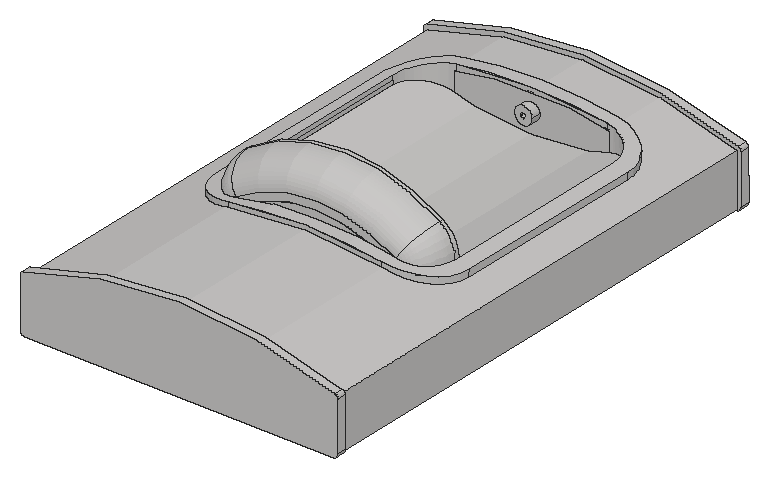
Revit family "Bottle_Filler-Murdock-H2O-To-Go-BFI5-BF16_Series", category Plumbing Fixtures, host Face, Revit 2018
Family settings
  Host = Face
  Round Connector Dimension = Use Diameter
  Part Type = Normal
  OmniClass Number = 23.65.70.14.11
  OmniClass Title = Drinking Fountains/Coolers
  Cut with Voids When Loaded = Yes
  Shared = Yes
  Room Calculation Point = No
Parameters (values of type "BF15")
  Width = 7 3/8"  # constant formula
  Waste Connection Width = 3 1/2"
  Waste Connection Radius = 3/4"
  Waste Connection Height = 29 1/8"  # constant formula
  Waste Connection Diameter = Waste Connection Radius * 2  # 1 1/2"
  Waste Connection = yes
  Warranty Information = "Murdock warrants that its products are free from defects in material or workmanship under normal use and service for a period of one year from date of shipment from the factory. Murdocks’s liability under this warranty shall be discharged solely by repair or replacement of defective material, provided Murdock is notified in writing within the time periods described above. This warranty does not cover installation or labor charges and does not apply to materials, which have been damaged by other causes such as mishandling or improper care or abnormal use. The repair or replacement of the defective materials shall constitute the sole remedy of the Buyer and the sole remedy of Murdock under this warranty. Murdock shall not be liable under any circumstances for incidental, consequential or direct charges caused by defects in the materials, or any delay in the repair or replacement thereof.  This warranty is in lieu of all other warranties expressed or implied. Product maintenance instructions are issued with each unit and disregard or non-compliance with these instructions will constitute an abnormal use condition and void the warranty. Stainless steel must be protected on jobsite during construction and must be properly maintained after the water has been introduced into the water cooler or drinking fountain, or Murdock’s limited warranty is void."  # constant formula
  WFU = 2  # constant formula
  WF3 - 3000 gallon capacity, NSF 42+53, 1 micron Lead Reduction Water Filter = no
  WF1 - 1500 gallon capacity, NSF 42+53, 1 micron Lead Reduction Water Filter = no
  Vent Connection = no
  URL = "https://www.murdockmfg.com/home"
  Type Comments = ""
  Transformer Specification = "N/A"
  Sensor Visibility = no
  Pushbutton Visibility = yes
  Product Page URL = "https://www.murdockmfg.com/push-button-water-refill-station"
  Product Documentation Link = "https://www.murdockmfg.com/uploads/fileLibrary/BF15.pdf"
  Price = "Prices may vary. Please consult Manufacturer Representative for most up-to-date price list."  # constant formula
  Pressure Range = "N/A"
  Inner Panel Material = Steel-Murdock-Galvannealed
  Deck Mounting Height = 34 1/2"
  Model = "BF15"
  Maximum Run Time = "N/A"
  Material = "Stainless Steel-Murdock-Satin"
  Manufacturer = "Murdock Mfg."  # constant formula
  Length = 18 1/4"  # constant formula
  LOGO - Customer Specified Logo / Graphics = no
  Installation Type = "Wall Mounted"  # constant formula
  IAPMO Compliance = "Unit is certified to ANSI A117.1, PublicLaw111-380(NO-LEAD),CHSC116875and NSF/ANSI 61, Section 9"  # constant formula
  Housing Material = Stainless Steel-Murdock-Satin
  Height = 29 1/2"  # constant formula
  HWFU = 1.5  # constant formula
  HW Connection = yes
  Fill Rate = "1.00 GPM"  # constant formula
  Description = "H2O-To-Go!® Push Button Water Refill Station"
  Default Elevation = 0"
  Creation Date = "02/25/2021"  # constant formula
  Cold Water Connection Width = 6 1/4"
  Cold Water Connection Radius = Cold Water Connection Diameter / 2  # 3/16"
  Cold Water Connection Height = 26 1/4"  # constant formula
  Cold Water Connection Diameter = 3/8"
  CWFU = 1.5  # constant formula
  CW Connection = yes
  Basin Shape = "Oval"  # constant formula
  BCD - Bottle Counter Display = no
  BAT - Battery Operated (N/A With Bottle Counter) = no
  Assembly Code = "D2010800"
  ADA Compliant = yes
Types (4): name | Transformer Specification | Sensor Visibility | Pushbutton Visibility | Product Page URL | Product Documentation Link | Pressure Range | Model | Maximum Run Time | Description | BCD - Bottle Counter Display
  (no name) | "N/A" | no | yes | "https://www.murdockmfg.com/push-button-water-refill-station" | "https://www.murdockmfg.com/uploads/fileLibrary/BF15.pdf" | "N/A" | "BF15" | "N/A" | "H2O-To-Go!® Push Button Water Refill Station" | no
  BF16 | "120 VAC/9 VDC plug-in Transformer" | yes | no | "https://www.murdockmfg.com/product.aspx?ProductId=308" | "https://www.murdockmfg.com/uploads/fileLibrary/BF16.pdf" | "20 to 105 PSIG" | "BF16" | "20 Seconds" | "H2O-To-Go!® Sensor-Operated Water Refill Station" | no
  BF16-BCD | "120 VAC/9 VDC plug-in Transformer" | yes | no | "https://www.murdockmfg.com/product.aspx?ProductId=308" | "https://www.murdockmfg.com/uploads/fileLibrary/BF16.pdf" | "20 to 105 PSIG" | "BF16-BCD" | "20 Seconds" | "H2O-To-Go!® Sensor-Operated Water Refill Station" | yes
  BF15 | "N/A" | no | yes | "https://www.murdockmfg.com/push-button-water-refill-station" | "https://www.murdockmfg.com/uploads/fileLibrary/BF15.pdf" | "N/A" | "BF15" | "N/A" | "H2O-To-Go!® Push Button Water Refill Station" | no
Reference planes (in)
  plane 1 "Center (Front/Back)": y = 0
  plane 2: z = 0
  plane 3 "Center (Left/Right)": x = 0
  plane 4: y = 14.75
  plane 5: y = -14.75
  plane 6: y = -14.25
  plane 7: y = -10.875
  plane 8: y = -8
  plane 9: y = -4.84375
  plane 10: y = -4.15625
  plane 11: y = -2.625
  plane 12: y = 10
  plane 13: y = 10.53125
  plane 14: y = 14.25
  plane 15: z = 5
  plane 16: z = 7.375
  plane 17: z = 4.875
  plane 18: z = 3.625
  plane 19: z = 2.4375
  plane 20: z = -2
  plane 21: x = -9.125
  plane 22: x = 9.125
  plane 23: x = 3.5
  plane 24: x = 6.25
  plane 25: x = -4
  plane 26: y = -37.125
  plane 27: y = -9.25
Forms (in)
  Extrusion 1, solid, material "Stainless Steel-Murdock-Satin" <- "Housing Material"
    sketch origin (21.84744, 29.5, 0) x (1, 0, 0) y (0, 0, -1)
      loop
        line (-30.72244, 0) -> (-30.72244, -3.07496)
        arc (-30.72244, -3.07496) -> (-21.84744, -4.625) -> (-12.97244, -3.07496) r 26.18269
        line (-12.97244, -3.07496) -> (-12.97244, 0) -> (-30.72244, 0)
    from -43.75 to -15.25
  Extrusion 2, solid, material "Steel-Murdock-Galvannealed" <- "Inner Panel Material"
    sketch origin (21.84744, -29.5, 0) x (1, 0, 0) y (0, 0, 1)
      loop
        arc (-30.97244, 0.25) -> (-30.89921, 0.07322) -> (-30.72244, 0) r 0.25
        line (-30.72244, 0) -> (-12.97244, 0)
        arc (-12.97244, 0) -> (-12.79566, 0.07322) -> (-12.72244, 0.25) r 0.25
        line (-12.72244, 0.25) -> (-12.72244, 3.07496)
        arc (-12.72244, 3.07496) -> (-12.76788, 3.21869) -> (-12.8877, 3.31016) r 0.25
        arc (-12.8877, 3.31016) -> (-21.84744, 4.875) -> (-30.80718, 3.31016) r 26.43269
        arc (-30.80718, 3.31016) -> (-30.92699, 3.21869) -> (-30.97244, 3.07496) r 0.25
        line (-30.97244, 3.07496) -> (-30.97244, 0.25)
    from -44.25 to -43.75
  Extrusion 3, solid, material "Stainless Steel-Murdock-Dark Grey"
    sketch origin (21.81619, 14.75, 0.0625) x (1, 0, 0) y (0, 0, -1)
      loop
        circle (-21.84744, -4.875) r 0.5
      loop
        circle (-21.84744, -4.875) r 0.38108
      loop
        arc (-22.45201, -6.24476) -> (-22.7604, -5.58885) -> (-22.85405, -4.87014) r 2.34791
        arc (-22.85405, -4.87014) -> (-22.7604, -4.15144) -> (-22.45201, -3.49553) r 2.34791
        arc (-22.45201, -3.49553) -> (-22.48521, -3.32518) -> (-22.65546, -3.35891) r 0.12253
        arc (-22.65546, -3.35891) -> (-22.99922, -4.0806) -> (-23.12422, -4.87014) r 2.78993
        arc (-23.12422, -4.87014) -> (-22.99922, -5.65969) -> (-22.65546, -6.38138) r 2.78993
        arc (-22.65546, -6.38138) -> (-22.48521, -6.41511) -> (-22.45201, -6.24476) r 0.12253
      loop
        arc (-23.35405, -4.87014) -> (-23.2604, -4.15144) -> (-22.95201, -3.49553) r 2.34791
        arc (-22.95201, -3.49553) -> (-22.98521, -3.32518) -> (-23.15546, -3.35891) r 0.12253
        arc (-23.15546, -3.35891) -> (-23.49922, -4.0806) -> (-23.62422, -4.87014) r 2.78993
        arc (-23.62422, -4.87014) -> (-23.49922, -5.65969) -> (-23.15546, -6.38138) r 2.78993
        arc (-23.15546, -6.38138) -> (-22.98521, -6.41511) -> (-22.95201, -6.24476) r 0.12253
        arc (-22.95201, -6.24476) -> (-23.2604, -5.58885) -> (-23.35405, -4.87014) r 2.34791
      loop
        arc (-23.3389, -6.28319) -> (-23.87523, -4.74985) -> (-23.55313, -3.15767) r 3.06679
        arc (-23.55313, -3.15767) -> (-23.62111, -2.95019) -> (-23.82874, -3.01772) r 0.15456
        arc (-23.82874, -3.01772) -> (-24.18694, -4.771) -> (-23.59094, -6.45833) r 3.34804
        arc (-23.59094, -6.45833) -> (-23.37759, -6.49642) -> (-23.3389, -6.28319) r 0.15346
      loop
        arc (-23.79717, -6.56027) -> (-24.44367, -4.95287) -> (-24.13648, -3.24778) r 3.13106
        arc (-24.13648, -3.24778) -> (-24.1942, -3.0781) -> (-24.36376, -3.13618) r 0.1266
        arc (-24.36376, -3.13618) -> (-24.69249, -4.97874) -> (-23.99988, -6.71753) r 3.41231
        arc (-23.99988, -6.71753) -> (-23.81967, -6.74055) -> (-23.79717, -6.56027) r 0.12828
      loop
        arc (-24.37064, -6.53492) -> (-24.88044, -4.98809) -> (-24.67538, -3.37236) r 3.69356
        arc (-24.67538, -3.37236) -> (-24.7509, -3.21093) -> (-24.91222, -3.28667) r 0.12593
        arc (-24.91222, -3.28667) -> (-25.12941, -5.01228) -> (-24.58905, -6.66542) r 3.97481
        arc (-24.58905, -6.66542) -> (-24.41446, -6.70961) -> (-24.37064, -6.53492) r 0.12721
      loop
        arc (-24.95717, -6.38686) -> (-25.3241, -4.93785) -> (-25.16741, -3.45135) r 4.25606
        arc (-25.16741, -3.45135) -> (-25.25329, -3.29575) -> (-25.40881, -3.38179) r 0.12561
        arc (-25.40881, -3.38179) -> (-25.57353, -4.95579) -> (-25.18764, -6.49063) r 4.53731
        arc (-25.18764, -6.49063) -> (-25.02044, -6.55415) -> (-24.95717, -6.38686) r 0.12638
      loop
        arc (-25.51192, -6.13393) -> (-25.79663, -4.80047) -> (-25.68161, -3.44181) r 4.64197
        arc (-25.68161, -3.44181) -> (-25.77495, -3.29091) -> (-25.92578, -3.38435) r 0.12542
        arc (-25.92578, -3.38435) -> (-26.04619, -4.81623) -> (-25.74803, -6.2219) r 4.92322
        arc (-25.74803, -6.2219) -> (-25.58594, -6.29611) -> (-25.51192, -6.13393) r 0.12598
      loop
        arc (-26.50583, -5.69422) -> (-26.62697, -4.78435) -> (-26.47782, -3.87865) r 3.11664
        arc (-26.47782, -3.87865) -> (-26.55922, -3.72041) -> (-26.71735, -3.80204) r 0.12574
        arc (-26.71735, -3.80204) -> (-26.87695, -4.78049) -> (-26.74733, -5.76336) r 3.39789
        arc (-26.74733, -5.76336) -> (-26.59196, -5.8497) -> (-26.50583, -5.69422) r 0.1256
      loop
        arc (-27.04407, -5.40058) -> (-27.11683, -4.70672) -> (-27.03763, -4.01356) r 3.20317
        arc (-27.03763, -4.01356) -> (-27.12092, -3.88175) -> (-27.25255, -3.96531) r 0.11013
        arc (-27.25255, -3.96531) -> (-27.33558, -4.7057) -> (-27.2593, -5.44683) r 3.48442
        arc (-27.2593, -5.44683) -> (-27.12852, -5.53153) -> (-27.04407, -5.40058) r 0.11007
      loop
        arc (-16.41987, -5.54115) -> (-15.80709, -4.87406) -> (-15.56636, -4.00081) r 1.92906
        line (-15.56636, -4.00081) -> (-15.42295, -4.00081) -> (-15.42295, -3.56224)
        arc (-15.42295, -3.56224) -> (-21.80458, -2.37497) -> (-28.18587, -3.56404) r 17.73095
        line (-28.18587, -3.56404) -> (-28.18587, -3.96826) -> (-28.06678, -3.96826)
        arc (-28.06678, -3.96826) -> (-27.83311, -4.85978) -> (-27.21251, -5.54115) r 1.92906
        arc (-27.21251, -5.54115) -> (-21.81619, -7.18331) -> (-16.41987, -5.54115) r 9.68749
      loop
        arc (-21.18036, -6.24476) -> (-21.14716, -6.41511) -> (-20.97691, -6.38138) r 0.12253
        arc (-20.97691, -6.38138) -> (-20.63315, -5.65969) -> (-20.50815, -4.87014) r 2.78993
        arc (-20.50815, -4.87014) -> (-20.63315, -4.0806) -> (-20.97691, -3.35891) r 2.78993
        arc (-20.97691, -3.35891) -> (-21.14716, -3.32518) -> (-21.18036, -3.49553) r 0.12253
        arc (-21.18036, -3.49553) -> (-20.87197, -4.15144) -> (-20.77833, -4.87014) r 2.34791
        arc (-20.77833, -4.87014) -> (-20.87197, -5.58885) -> (-21.18036, -6.24476) r 2.34791
      loop
        arc (-20.27833, -4.87014) -> (-20.37197, -5.58885) -> (-20.68036, -6.24476) r 2.34791
        arc (-20.68036, -6.24476) -> (-20.64716, -6.41511) -> (-20.47691, -6.38138) r 0.12253
        arc (-20.47691, -6.38138) -> (-20.13315, -5.65969) -> (-20.00815, -4.87014) r 2.78993
        arc (-20.00815, -4.87014) -> (-20.13315, -4.0806) -> (-20.47691, -3.35891) r 2.78993
        arc (-20.47691, -3.35891) -> (-20.64716, -3.32518) -> (-20.68036, -3.49553) r 0.12253
        arc (-20.68036, -3.49553) -> (-20.37197, -4.15144) -> (-20.27833, -4.87014) r 2.34791
      loop
        arc (-20.29347, -6.28319) -> (-20.25478, -6.49642) -> (-20.04144, -6.45833) r 0.15346
        arc (-20.04144, -6.45833) -> (-19.44544, -4.771) -> (-19.80363, -3.01772) r 3.34804
        arc (-19.80363, -3.01772) -> (-20.01126, -2.95019) -> (-20.07924, -3.15767) r 0.15456
        arc (-20.07924, -3.15767) -> (-19.75715, -4.74985) -> (-20.29347, -6.28319) r 3.06679
      loop
        arc (-19.8352, -6.56027) -> (-19.8127, -6.74055) -> (-19.63249, -6.71753) r 0.12828
        arc (-19.63249, -6.71753) -> (-18.93988, -4.97874) -> (-19.26862, -3.13618) r 3.41231
        arc (-19.26862, -3.13618) -> (-19.43817, -3.0781) -> (-19.49589, -3.24778) r 0.1266
        arc (-19.49589, -3.24778) -> (-19.1887, -4.95287) -> (-19.8352, -6.56027) r 3.13106
      loop
        arc (-19.26173, -6.53492) -> (-19.21792, -6.70961) -> (-19.04333, -6.66542) r 0.12721
        arc (-19.04333, -6.66542) -> (-18.50296, -5.01228) -> (-18.72015, -3.28667) r 3.97481
        arc (-18.72015, -3.28667) -> (-18.88147, -3.21093) -> (-18.95699, -3.37236) r 0.12593
        arc (-18.95699, -3.37236) -> (-18.75193, -4.98809) -> (-19.26173, -6.53492) r 3.69356
      loop
        arc (-18.67521, -6.38686) -> (-18.61193, -6.55415) -> (-18.44474, -6.49063) r 0.12638
        arc (-18.44474, -6.49063) -> (-18.05884, -4.95579) -> (-18.22357, -3.38179) r 4.53731
        arc (-18.22357, -3.38179) -> (-18.37908, -3.29575) -> (-18.46497, -3.45135) r 0.12561
        arc (-18.46497, -3.45135) -> (-18.30828, -4.93785) -> (-18.67521, -6.38686) r 4.25606
      loop
        arc (-18.12046, -6.13393) -> (-18.04643, -6.29611) -> (-17.88434, -6.2219) r 0.12598
        arc (-17.88434, -6.2219) -> (-17.58618, -4.81623) -> (-17.7066, -3.38435) r 4.92322
        arc (-17.7066, -3.38435) -> (-17.85743, -3.29091) -> (-17.95076, -3.44181) r 0.12542
        arc (-17.95076, -3.44181) -> (-17.83574, -4.80047) -> (-18.12046, -6.13393) r 4.64197
      loop
        arc (-17.12655, -5.69422) -> (-17.04041, -5.8497) -> (-16.88504, -5.76336) r 0.1256
        arc (-16.88504, -5.76336) -> (-16.75543, -4.78049) -> (-16.91503, -3.80204) r 3.39789
        arc (-16.91503, -3.80204) -> (-17.07315, -3.72041) -> (-17.15456, -3.87865) r 0.12574
        arc (-17.15456, -3.87865) -> (-17.0054, -4.78435) -> (-17.12655, -5.69422) r 3.11664
      loop
        arc (-16.58831, -5.40058) -> (-16.50386, -5.53153) -> (-16.37307, -5.44683) r 0.11007
        arc (-16.37307, -5.44683) -> (-16.2968, -4.7057) -> (-16.37982, -3.96531) r 3.48442
        arc (-16.37982, -3.96531) -> (-16.51145, -3.88175) -> (-16.59474, -4.01356) r 0.11013
        arc (-16.59474, -4.01356) -> (-16.51555, -4.70672) -> (-16.58831, -5.40058) r 3.20317
    from -17.62868 to -17.375
  Sweep 4, solid, material "Steel-Murdock-Galvannealed"
    path origin (21.84744, -2.625, 0.0625) x (1, 0, 0) y (0, 0, -1)
      loop
        arc (-28.22091, -3.95617) -> (-27.97621, -4.90946) -> (-27.31471, -5.6382) r 2.04592
        arc (-27.31471, -5.6382) -> (-21.8533, -7.30018) -> (-16.39188, -5.6382) r 9.80436
        arc (-16.39188, -5.6382) -> (-15.74107, -4.92906) -> (-15.48655, -4.00081) r 2.04592
    profile origin (-6.12878, -2.625, 4.97196) x (0.880366, 0, -0.474295) y (0, 1, 0)
      loop
        spline (-0.00813, -0.24184) -> (0.00565, -0.51386) -> (0.04561, -0.77768) -> (0.11221, -1.03424) -> (0.20312, -1.275) -> (0.31765, -1.4982) -> (0.4532, -1.69861) -> (0.60808, -1.87399) -> (0.77956, -2.02122) -> (0.96539, -2.13826) -> (1.16245, -2.22329) -> (1.36683, -2.27469) -> (1.5781, -2.29222)
        line (1.5781, -2.29222) -> (2.0349, -2.29222) -> (2.0349, -2.16661) -> (1.5781, -2.16661)
        spline (1.5781, -2.16661) -> (1.38692, -2.15079) -> (1.20222, -2.10434) -> (1.02342, -2.02713) -> (0.85357, -1.91985) -> (0.69551, -1.78411) -> (0.55195, -1.62172) -> (0.42537, -1.43447) -> (0.31735, -1.22409) -> (0.23136, -0.99631) -> (0.16808, -0.75252) -> (0.12998, -0.5012) -> (0.11687, -0.24151)
        line (0.11687, -0.24151) -> (0.11687, 0) -> (-0.00813, 0) -> (-0.00813, -0.24184)
  Extrusion 5, solid, material "Steel-Murdock-Galvannealed" <- "Inner Panel Material"
    sketch origin (0, -14.75, 0) x (1, 0, 0) y (0, 1, 0)
      loop
        line (4.37725, 26.044) -> (-4.37725, 26.044)
        spline (-4.37725, 26.044) -> (-4.74348, 26.01996) -> (-5.1035, 25.94864) -> (-5.45117, 25.83126) -> (-5.78046, 25.66938) -> (-6.08596, 25.46611) -> (-6.36237, 25.22489) -> (-6.6047, 24.9495) -> (-6.80909, 24.64489) -> (-6.97196, 24.3163) -> (-7.09014, 23.96916) -> (-7.16198, 23.60953) -> (-7.18621, 23.24362)
        line (-7.18621, 23.24362) -> (-7.18621, 11.88316)
        spline (-7.18621, 11.88316) -> (-7.16198, 11.51725) -> (-7.09014, 11.15761) -> (-6.97196, 10.81048) -> (-6.80909, 10.48189) -> (-6.6047, 10.17728) -> (-6.36237, 9.90189) -> (-6.08596, 9.66067) -> (-5.78046, 9.4574) -> (-5.45117, 9.29552) -> (-5.1035, 9.17813) -> (-4.74348, 9.10682) -> (-4.37725, 9.08278)
        line (-4.37725, 9.08278) -> (4.37725, 9.08278)
        spline (4.37725, 9.08278) -> (4.74309, 9.10669) -> (5.10277, 9.17765) -> (5.45017, 9.29448) -> (5.77932, 9.45562) -> (6.08479, 9.65805) -> (6.36129, 9.89837) -> (6.6038, 10.17285) -> (6.80842, 10.47658) -> (6.97154, 10.80433) -> (7.08994, 11.15069) -> (7.16192, 11.50961) -> (7.18621, 11.87482)
        line (7.18621, 11.87482) -> (7.18621, 23.25195)
        spline (7.18621, 23.25195) -> (7.16192, 23.61717) -> (7.08994, 23.97608) -> (6.97154, 24.32245) -> (6.80842, 24.6502) -> (6.6038, 24.95393) -> (6.36129, 25.22841) -> (6.08479, 25.46872) -> (5.77932, 25.67116) -> (5.45017, 25.8323) -> (5.10277, 25.94913) -> (4.74309, 26.02009) -> (4.37725, 26.044)
      loop
        line (4.33428, 25.294) -> (-4.31475, 25.294)
        spline (-4.31475, 25.294) -> (-4.58349, 25.27646) -> (-4.84764, 25.22414) -> (-5.10268, 25.13792) -> (-5.34423, 25.0193) -> (-5.56816, 24.8703) -> (-5.77065, 24.69346) -> (-5.94823, 24.49181) -> (-6.09786, 24.26881) -> (-6.21698, 24.02827) -> (-6.30355, 23.7743) -> (-6.35609, 23.51125) -> (-6.37371, 23.24362)
        line (-6.37371, 23.24362) -> (-6.37371, 11.88316)
        spline (-6.37371, 11.88316) -> (-6.35609, 11.61553) -> (-6.30355, 11.35248) -> (-6.21698, 11.09851) -> (-6.09786, 10.85797) -> (-5.94823, 10.63497) -> (-5.77065, 10.43332) -> (-5.56816, 10.25648) -> (-5.34423, 10.10748) -> (-5.10268, 9.98885) -> (-4.84764, 9.90264) -> (-4.58349, 9.85032) -> (-4.31475, 9.83278)
        line (-4.31475, 9.83278) -> (4.33428, 9.83278)
        spline (4.33428, 9.83278) -> (4.60303, 9.85025) -> (4.86718, 9.90236) -> (5.12221, 9.98822) -> (5.36376, 10.10636) -> (5.58769, 10.25476) -> (5.79018, 10.43088) -> (5.96776, 10.6317) -> (6.11739, 10.8538) -> (6.23651, 11.09337) -> (6.32308, 11.3463) -> (6.37562, 11.60828) -> (6.39324, 11.87482)
        line (6.39324, 11.87482) -> (6.39324, 23.25195)
        spline (6.39324, 23.25195) -> (6.37562, 23.51849) -> (6.32308, 23.78047) -> (6.23651, 24.03341) -> (6.11739, 24.27298) -> (5.96776, 24.49507) -> (5.79018, 24.6959) -> (5.58769, 24.87202) -> (5.36376, 25.02042) -> (5.12221, 25.13856) -> (4.86718, 25.22442) -> (4.60303, 25.27653) -> (4.33428, 25.294)
    from 0 to 7.375
  Extrusion 6, void
    sketch origin (0, 0, 0) x (1, 0, 0) y (0, 1, 0)
      loop
        circle (3.5, -8) r 0.75
      loop
        circle (6.25, -10.875) r 0.1875
    from 0 to 0.12317
  Extrusion 7, solid, material "Steel-Murdock-Galvannealed" <- "Inner Panel Material"
    sketch origin (64.85245, 10, 0) x (1, 0, 0) y (0, 0, -1)
      loop
        circle (-64.85245, -3.625) r 0.5
      loop
        circle (-64.85245, -3.625) r 0.14544
    from 0 to 4.25
  Extrusion 8, void
    sketch origin (64.85245, 10, 0) x (-1, 0, 0) y (0, 0, -1)
      loop
        line (55.72745, -7.375) -> (73.97745, -7.375) -> (73.97745, -3.25)
        arc (73.97745, -3.25) -> (64.85245, -4.875) -> (55.72745, -3.25) r 26.43269
        line (55.72745, -3.25) -> (55.72745, -7.375)
    from -4.25 to 18
  Extrusion 9, void
    sketch origin (64.85245, 10, 0) x (-1, 0, 0) y (0, 0, -1)
      loop
        arc (59.61244, -5.78242) -> (64.98457, -7.29929) -> (70.31387, -5.6382) r 9.80436
        arc (70.31387, -5.6382) -> (70.95773, -4.9415) -> (71.21814, -4.02929) r 2.04592
        line (71.21814, -4.02929) -> (71.21814, -3.625)
        arc (71.21814, -3.625) -> (64.83834, -2.43747) -> (58.45855, -3.625) r 17.73095
        line (58.45855, -3.625) -> (58.45855, -4.0784)
        arc (58.45855, -4.0784) -> (58.80561, -5.08608) -> (59.61244, -5.78242) r 2.04564
    from -0.53125 to 14.15625
  Extrusion 10, solid, material "Steel-Murdock-Galvannealed"
    sketch origin (-4.32762, -4.91722, 4.00159) x (0.008348, 0, 0.999965) y (-0.999965, 0, 0.008348)
      loop
        arc (-0.56143, 0.74263) -> (-1.25222, -4.14117) -> (-0.12137, -8.9422) r 13.34166
        arc (-0.12137, -8.9422) -> (1.35448, -4.02273) -> (-0.56143, 0.74263) r 7.76946
    from -1.33139 to 0
  Extrusion 11, solid, material "Plastic-Murdock-Blue", visible <- "BCD - Bottle Counter Display"
    sketch origin (19.61504, 0, 0) x (1, 0, 0) y (0, 1, 0)
      loop
        arc (-17.77711, 11.72356) -> (-17.24678, 11.94323) -> (-17.02711, 12.47356) r 0.75
        line (-17.02711, 12.47356) -> (-17.02711, 13.47356)
        arc (-17.02711, 13.47356) -> (-17.17356, 13.82711) -> (-17.52711, 13.97356) r 0.5
        arc (-17.52711, 13.97356) -> (-19.53317, 14.07887) -> (-21.53923, 13.97356) r 19.15973
        arc (-21.53923, 13.97356) -> (-21.97846, 13.79163) -> (-22.16039, 13.3524) r 0.62116
        line (-22.16039, 13.3524) -> (-22.16039, 12.47356)
        arc (-22.16039, 12.47356) -> (-21.94072, 11.94323) -> (-21.41039, 11.72356) r 0.75
        arc (-21.41039, 11.72356) -> (-19.59375, 11.74312) -> (-17.77711, 11.72356) r 84.35591
    from 0 to 7.375
  Extrusion 12, solid, material "Stainless Steel-Murdock-Satin" <- "Housing Material"
    sketch origin (13.84744, 31.12609, 0) x (1, 0, 0) y (0, 0, -1)
      loop
        line (-17.1109, 0) -> (-17.1109, 2) -> (-18.58397, 2) -> (-18.58397, 0) -> (-17.1109, 0)
    from -41.42114 to -39.33104
  Revolve 13, solid, material "Stainless Steel-Murdock-Satin" <- "Housing Material", visible <- "Pushbutton Visibility"
    sketch origin (3.5, 29.5, 6.50783) x (0, 0, -1) y (0, 1, 0)
      loop
        line (3.75783, -29.5) -> (3.75783, -29.21875) -> (3.48124, -29.26752) -> (3.48124, -29.5) -> (3.75783, -29.5)
      axis (3.48124, -29.5) -> (3.75783, -29.5)
    angle from 0 to 360
  Extrusion 14, solid, material "Steel-Murdock-Galvannealed" <- "Inner Panel Material"
    sketch origin (21.84744, -58.5, 0) x (1, 0, 0) y (0, 0, 1)
      loop
        arc (-30.97244, 0.25) -> (-30.89921, 0.07322) -> (-30.72244, 0) r 0.25
        line (-30.72244, 0) -> (-12.97244, 0)
        arc (-12.97244, 0) -> (-12.79566, 0.07322) -> (-12.72244, 0.25) r 0.25
        line (-12.72244, 0.25) -> (-12.72244, 3.07496)
        arc (-12.72244, 3.07496) -> (-12.76788, 3.21869) -> (-12.8877, 3.31016) r 0.25
        arc (-12.8877, 3.31016) -> (-21.84744, 4.875) -> (-30.80718, 3.31016) r 26.43269
        arc (-30.80718, 3.31016) -> (-30.92699, 3.21869) -> (-30.97244, 3.07496) r 0.25
        line (-30.97244, 3.07496) -> (-30.97244, 0.25)
    from -44.25 to -43.75
  Extrusion 15, solid, material "Plastic-Murdock-Black", visible <- "Sensor Visibility"
    sketch origin (0, 0, 0) x (1, 0, 0) y (0, 1, 0)
      loop
        spline (0, 2.56339) -> (0.03348, 2.57191) -> (0.06467, 2.59688) -> (0.09146, 2.63661) -> (0.11202, 2.68839) -> (0.12494, 2.74868) -> (0.12935, 2.81339) -> (0.12494, 2.87809) -> (0.11202, 2.93839) -> (0.09146, 2.99017) -> (0.06467, 3.0299) -> (0.03348, 3.05487) -> (0, 3.06339)
        spline (0, 3.06339) -> (-0.03348, 3.05487) -> (-0.06467, 3.0299) -> (-0.09146, 2.99017) -> (-0.11202, 2.93839) -> (-0.12494, 2.87809) -> (-0.12935, 2.81339) -> (-0.12494, 2.74868) -> (-0.11202, 2.68839) -> (-0.09146, 2.63661) -> (-0.06467, 2.59688) -> (-0.03348, 2.57191) -> (0, 2.56339)
    from 0 to 2.45797
Cuts and joins
  Extrusion 6, Extrusion 8, Extrusion 9 cuts Extrusion 1
  Extrusion 8 cuts Extrusion 5
  Extrusion 8 cuts Extrusion 7
  Extrusion 8 cuts Extrusion 11
Lines and regions (in)
  Masking region 1
    outline origin (21.81619, -2.625, 0.0625) x (1, 0, 0) y (0, 0, -1)
      loop
        line (-12.69119, -3.01246) -> (-12.69119, -0.1875)
        arc (-12.69119, -0.1875) -> (-12.76441, -0.01072) -> (-12.94119, 0.0625) r 0.25
        line (-12.94119, 0.0625) -> (-30.69119, 0.0625)
        arc (-30.69119, 0.0625) -> (-30.86796, -0.01072) -> (-30.94119, -0.1875) r 0.25
        line (-30.94119, -0.1875) -> (-30.94119, -3.01246)
        arc (-30.94119, -3.01246) -> (-30.89574, -3.15619) -> (-30.77593, -3.24766) r 0.25
        arc (-30.77593, -3.24766) -> (-29.49586, -3.67229) -> (-28.1958, -4.03108) r 26.43269
        arc (-28.1958, -4.03108) -> (-27.93407, -4.94611) -> (-27.28799, -5.64496) r 2.05406
        arc (-27.28799, -5.64496) -> (-21.82205, -7.30831) -> (-16.3561, -5.64496) r 9.81249
        arc (-16.3561, -5.64496) -> (-15.71075, -4.9474) -> (-15.44843, -4.03402) r 2.05406
        arc (-15.44843, -4.03402) -> (-14.14236, -3.67407) -> (-12.85645, -3.24766) r 26.43269
        arc (-12.85645, -3.24766) -> (-12.73663, -3.15619) -> (-12.69119, -3.01246) r 0.25
  symbolic lines, detail levels medium+fine
    curve 1: arc (5.39046, -2.625, 5.60365) -> (-0.00586, -2.625, 7.24581) -> (-5.40218, -2.625, 5.60365) r 9.68749
    curve 2: arc (-6.25274, -2.625, 4.1248) -> (-5.99982, -2.625, 4.96336) -> (-5.40218, -2.625, 5.60365) r 1.92906
    curve 3: arc (5.39046, -2.625, 5.60365) -> (5.98738, -2.625, 4.96462) -> (6.24083, -2.625, 4.1277) r 1.92906
    curve 33: circle (7.62036, -2.625, 1.83506) r 0.25 normal (0, 1, 0)
    curve 35: circle (-7.63208, -2.625, 1.83506) r 0.25 normal (0, -1, 0)
    curve 37: arc (8.95974, -2.625, 3.31016) -> (0, -2.625, 4.875) -> (-8.95974, -2.625, 3.31016) r 26.43269
  symbolic lines, detail levels fine
    curve 4: arc (5.48557, -2.625, 4.29953) -> (5.51728, -2.625, 4.90628) -> (5.44311, -2.625, 5.50933) r 3.48442
    curve 5: arc (5.44311, -2.625, 5.50933) -> (5.31233, -2.625, 5.59403) -> (5.22788, -2.625, 5.46308) r 0.11007
    curve 6: arc (5.22788, -2.625, 5.46308) -> (5.29837, -2.625, 4.90554) -> (5.27034, -2.625, 4.34425) r 3.20317
    curve 7: arc (5.02391, -2.625, 4.39318) -> (5.05406, -2.625, 5.11448) -> (4.93115, -2.625, 5.82586) r 3.39789
    curve 8: arc (4.93115, -2.625, 5.82586) -> (4.77578, -2.625, 5.9122) -> (4.68964, -2.625, 5.75672) r 0.1256
    curve 9: arc (4.68964, -2.625, 5.75672) -> (4.80421, -2.625, 5.10289) -> (4.77772, -2.625, 4.43963) r 3.11664
    curve 10: arc (4.23949, -2.625, 4.5328) -> (4.16541, -2.625, 5.42261) -> (3.93184, -2.625, 6.2844) r 4.92322
    curve 11: arc (3.93184, -2.625, 6.2844) -> (3.76976, -2.625, 6.35861) -> (3.69573, -2.625, 6.19643) r 0.12598
    curve 12: arc (3.69573, -2.625, 6.19643) -> (3.91546, -2.625, 5.39747) -> (3.98964, -2.625, 4.57218) r 4.64197
    curve 13: arc (3.76787, -2.625, 4.60508) -> (3.67766, -2.625, 5.60108) -> (3.37145, -2.625, 6.55313) r 4.53731
    curve 14: arc (3.37145, -2.625, 6.55313) -> (3.20425, -2.625, 6.61665) -> (3.14098, -2.625, 6.44936) r 0.12638
    curve 15: arc (3.14098, -2.625, 6.44936) -> (3.42912, -2.625, 5.56531) -> (3.51841, -2.625, 4.63979) r 4.25606
    curve 16: arc (3.33115, -2.625, 4.66426) -> (3.19335, -2.625, 5.73433) -> (2.77286, -2.625, 6.72792) r 3.97481
    curve 17: arc (2.77286, -2.625, 6.72792) -> (2.59827, -2.625, 6.77211) -> (2.55445, -2.625, 6.59742) r 0.12721
    curve 18: arc (2.55445, -2.625, 6.59742) -> (2.94734, -2.625, 5.68196) -> (3.08128, -2.625, 4.69479) r 3.69356
    curve 19: arc (2.89373, -2.625, 4.71613) -> (2.70818, -2.625, 5.80638) -> (2.1837, -2.625, 6.78003) r 3.41231
    curve 20: arc (2.1837, -2.625, 6.78003) -> (2.00348, -2.625, 6.80305) -> (1.98099, -2.625, 6.62277) r 0.12828
    curve 21: arc (1.98099, -2.625, 6.62277) -> (2.46586, -2.625, 5.73676) -> (2.64344, -2.625, 4.74249) r 3.13106
    curve 22: arc (2.37463, -2.625, 4.76812) -> (2.19833, -2.625, 5.68679) -> (1.77475, -2.625, 6.52083) r 3.34804
    curve 23: arc (1.77475, -2.625, 6.52083) -> (1.56141, -2.625, 6.55892) -> (1.52272, -2.625, 6.34569) r 0.15346
    curve 24: arc (1.52272, -2.625, 6.34569) -> (1.89717, -2.625, 5.60677) -> (2.06021, -2.625, 4.79459) r 3.06679
    curve 25: arc (1.80706, -2.625, 4.81316) -> (1.70012, -2.625, 5.66494) -> (1.33927, -2.625, 6.44388) r 2.78993
    curve 26: arc (1.33927, -2.625, 6.44388) -> (1.16903, -2.625, 6.47761) -> (1.13583, -2.625, 6.30726) r 0.12253
    curve 27: arc (1.13583, -2.625, 6.30726) -> (1.45803, -2.625, 5.60213) -> (1.53304, -2.625, 4.83051) r 2.34791
    curve 28: arc (1.30777, -2.625, 4.84263) -> (1.19602, -2.625, 5.6791) -> (0.83927, -2.625, 6.44388) r 2.78993
    curve 29: arc (0.83927, -2.625, 6.44388) -> (0.66903, -2.625, 6.47761) -> (0.63583, -2.625, 6.30726) r 0.12253
    curve 30: arc (0.63583, -2.625, 6.30726) -> (0.95485, -2.625, 5.61385) -> (1.03459, -2.625, 4.85475) r 2.34791
    curve 31: arc (-0.40663, -2.625, 4.87187) -> (-0.0317, -2.625, 5.31858) -> (0.34429, -2.625, 4.87276) r 0.38108
    curve 32: arc (0.4643, -2.625, 4.87092) -> (-0.03184, -2.625, 5.4375) -> (-0.52664, -2.625, 4.86975) r 0.5
    curve 34: circle (7.62036, -2.625, 1.83506) r 0.125 normal (0, 1, 0)
    curve 36: circle (-7.63208, -2.625, 1.83506) r 0.125 normal (0, -1, 0)
    curve 38: arc (-5.49695, -2.625, 4.29711) -> (-5.52904, -2.625, 4.90506) -> (-5.45483, -2.625, 5.50933) r 3.48442
    curve 39: arc (-5.45483, -2.625, 5.50933) -> (-5.32405, -2.625, 5.59403) -> (-5.2396, -2.625, 5.46308) r 0.11007
    curve 40: arc (-5.2396, -2.625, 5.46308) -> (-5.31013, -2.625, 4.90437) -> (-5.28173, -2.625, 4.34193) r 3.20317
    curve 41: arc (-5.0353, -2.625, 4.39097) -> (-5.06585, -2.625, 5.11336) -> (-4.94286, -2.625, 5.82586) r 3.39789
    curve 42: arc (-4.94286, -2.625, 5.82586) -> (-4.7875, -2.625, 5.9122) -> (-4.70136, -2.625, 5.75672) r 0.1256
    curve 43: arc (-4.70136, -2.625, 5.75672) -> (-4.816, -2.625, 5.10183) -> (-4.78913, -2.625, 4.43753) r 3.11664
    curve 44: arc (-4.25119, -2.625, 4.5309) -> (-4.1773, -2.625, 5.42167) -> (-3.94356, -2.625, 6.2844) r 4.92322
    curve 45: arc (-3.94356, -2.625, 6.2844) -> (-3.78148, -2.625, 6.35861) -> (-3.70745, -2.625, 6.19643) r 0.12598
    curve 46: arc (-3.70745, -2.625, 6.19643) -> (-3.92734, -2.625, 5.39659) -> (-4.00136, -2.625, 4.57038) r 4.64197
    curve 47: arc (-3.77955, -2.625, 4.60339) -> (-3.68955, -2.625, 5.60026) -> (-3.38317, -2.625, 6.55313) r 4.53731
    curve 48: arc (-3.38317, -2.625, 6.55313) -> (-3.21597, -2.625, 6.61665) -> (-3.1527, -2.625, 6.44936) r 0.12638
    curve 49: arc (-3.1527, -2.625, 6.44936) -> (-3.441, -2.625, 5.56454) -> (-3.53011, -2.625, 4.63822) r 4.25606
    curve 50: arc (-3.34286, -2.625, 4.66277) -> (-3.20527, -2.625, 5.73361) -> (-2.78458, -2.625, 6.72792) r 3.97481
    curve 51: arc (-2.78458, -2.625, 6.72792) -> (-2.60999, -2.625, 6.77211) -> (-2.56617, -2.625, 6.59742) r 0.12721
    curve 52: arc (-2.56617, -2.625, 6.59742) -> (-2.95925, -2.625, 5.6813) -> (-3.093, -2.625, 4.69341) r 3.69356
    curve 53: arc (-2.90545, -2.625, 4.71483) -> (-2.72011, -2.625, 5.80577) -> (-2.19542, -2.625, 6.78003) r 3.41231
    curve 54: arc (-2.19542, -2.625, 6.78003) -> (-2.0152, -2.625, 6.80305) -> (-1.99271, -2.625, 6.62277) r 0.12828
    curve 55: arc (-1.99271, -2.625, 6.62277) -> (-2.47778, -2.625, 5.7362) -> (-2.65518, -2.625, 4.7413) r 3.13106
    curve 56: arc (-2.3864, -2.625, 4.76706) -> (-2.21022, -2.625, 5.68628) -> (-1.78647, -2.625, 6.52083) r 3.34804
    curve 57: arc (-1.78647, -2.625, 6.52083) -> (-1.57313, -2.625, 6.55892) -> (-1.53444, -2.625, 6.34569) r 0.15346
    curve 58: arc (-1.53444, -2.625, 6.34569) -> (-1.90904, -2.625, 5.60633) -> (-2.07198, -2.625, 4.79367) r 3.06679
    curve 59: arc (-1.81875, -2.625, 4.81235) -> (-1.71195, -2.625, 5.66455) -> (-1.35099, -2.625, 6.44388) r 2.78993
    curve 60: arc (-1.35099, -2.625, 6.44388) -> (-1.18075, -2.625, 6.47761) -> (-1.14755, -2.625, 6.30726) r 0.12253
    curve 61: arc (-1.14755, -2.625, 6.30726) -> (-1.46984, -2.625, 5.6018) -> (-1.54471, -2.625, 4.82983) r 2.34791
    curve 62: arc (-1.31948, -2.625, 4.84205) -> (-1.20782, -2.625, 5.67882) -> (-0.85099, -2.625, 6.44388) r 2.78993
    curve 63: arc (-0.85099, -2.625, 6.44388) -> (-0.68075, -2.625, 6.47761) -> (-0.64755, -2.625, 6.30726) r 0.12253
    curve 64: arc (-0.64755, -2.625, 6.30726) -> (-0.96663, -2.625, 5.61362) -> (-1.04628, -2.625, 4.85428) r 2.34791
Dimensions and locks (in)
  "Height": plane 4 to plane 5
  plane 20 to host face = 2"
  host face to plane 19 to plane 18 to plane 17 to plane 15 to plane 16 = 2 7/16", 1 3/16", 1 1/4", 1/8", 2 3/8"
  plane 21 to plane 3 "Center (Left/Right)" = 9 1/8"
  equal spacing: plane 21, plane 3 "Center (Left/Right)", plane 22
  plane 3 "Center (Left/Right)" to Extrusion 11 = 2.58793"
  plane 11 to plane 5 = 12 1/8"
  plane 12 to plane 11 = 12 5/8"
  "Length": plane 21 to plane 22
  "Width": host face to plane 16
  "Waste Connection Height": plane 8 to plane 26
  "Cold Water Connection Height": plane 7 to plane 26
  plane 27 to plane 26 = 27 7/8"
  "Waste Connection Width": plane 3 "Center (Left/Right)" to plane 23
  "Cold Water Connection Width": plane 3 "Center (Left/Right)" to plane 24
  host face to plane 17 = 4 7/8"
  "Deck Mounting Height": plane 11 to plane 26
  "Waste Connection Radius": radius of Extrusion 6 sketch curve
  "Cold Water Connection Radius": radius of Extrusion 6 sketch curve
  aligned and locked: plane 2 to host face
  aligned and locked: level to host face
  aligned and locked: Extrusion 1 to plane 6
  aligned and locked: plane 14 to Extrusion 1
  aligned and locked: plane 4 to Extrusion 2
  aligned and locked: Extrusion 2 to plane 14
  aligned and locked: plane 14 to Extrusion 7
  aligned and locked: Extrusion 9 to plane 13
  aligned and locked: Extrusion 8 to plane 8
  aligned and locked: plane 14 to Extrusion 8
  aligned and locked: Extrusion 9 to plane 10
  aligned and locked: Extrusion 10 to Sweep 4
  aligned and locked: curve 1 to Sweep 4
  aligned and locked: curve 2 to Sweep 4
  aligned and locked: curve 3 to Sweep 4
  aligned and locked: curve 31 to Extrusion 3
  aligned and locked: curve 32 to Extrusion 3
  aligned and locked: plane 23 to Extrusion 6 sketch curve
  aligned and locked: plane 8 to Extrusion 6 sketch curve
  aligned and locked: plane 24 to Extrusion 6 sketch curve
  aligned and locked: plane 7 to Extrusion 6 sketch curve
  aligned and locked: plane 21 to Extrusion 2 sketch curve
  aligned and locked: curve 37 to Extrusion 2
Automatic sketch dimensions
  host sketch curve to host sketch curve = 96"  (x2)
  Extrusion 1 sketch curve to level = 0"
  Extrusion 1 sketch curve to plane 3 "Center (Left/Right)" = 0"
  Extrusion 1 sketch curve to plane 21 = 1/4"
  plane 22 to Extrusion 1 sketch curve = 1/4"
  Extrusion 1 sketch curve to plane 18 = 0.55004"
  Extrusion 1 sketch curve to plane 20 = 19.55769"
  Extrusion 2 sketch curve to level = 0"
  Extrusion 2 sketch curve to plane 3 "Center (Left/Right)" = 0"
  plane 22 to Extrusion 2 sketch curve = 0"
  Extrusion 2 sketch curve to Extrusion 2 sketch curve = 1/4"  (x3)
  Extrusion 2 sketch curve to plane 21 = 1/4"
  Extrusion 2 sketch curve to plane 20 = 19.55769"
  Extrusion 2 sketch curve to plane 18 = 0.55004"  (x2)
  Extrusion 2 sketch curve to Extrusion 2 sketch curve = 0"
  Sweep 4 sketch curve to profile plane = 0"
  profile plane to Sweep 4 sketch curve = 0.00813"
  Sweep 4 sketch curve to profile plane = 0.11687"
  Sweep 4 sketch curve to profile plane = 1.5781"
  Sweep 4 sketch curve to Sweep 4 sketch curve = 0"  (x3)
  Sweep 4 sketch curve to Sweep 4 sketch curve = 0.4568"
  Sweep 4 sketch curve to Sweep 4 sketch curve = 0.24151"
  Sweep 4 sketch curve to Sweep 4 sketch curve = 0.00033"
  Sweep 4 sketch curve to profile plane = 2.16661"
  Sweep 4 sketch curve to Sweep 4 sketch curve = 0.12561"
  Extrusion 7 sketch curve to Extrusion 7 sketch curve = 0"  (x2)
  Extrusion 7 sketch curve to plane 3 "Center (Left/Right)" = 0"
  Extrusion 7 sketch curve to plane 18 = 0"
  plane 22 to Extrusion 8 sketch curve = 0"
  Extrusion 8 sketch curve to plane 3 "Center (Left/Right)" = 0"
  Extrusion 8 sketch curve to plane 16 = 0"
  plane 21 to Extrusion 8 sketch curve = 0"
  Extrusion 8 sketch curve to plane 18 = 3/8"
  Extrusion 8 sketch curve to plane 20 = 19.55769"
  Extrusion 9 sketch curve to plane 18 = 0"  (x2)
  Extrusion 9 sketch curve to plane 3 "Center (Left/Right)" = 0"
  plane 3 "Center (Left/Right)" to Extrusion 9 sketch curve = 0.0141"
  plane 18 to Extrusion 9 sketch curve = 0.31409"  (x2)
  plane 23 to Extrusion 9 sketch curve = 0.85301"
  plane 24 to Extrusion 9 sketch curve = 0.1439"
  Extrusion 9 sketch curve to plane 25 = 0.32176"
  Extrusion 9 sketch curve to Extrusion 9 sketch curve = 0.40429"
  Extrusion 9 sketch curve to Extrusion 9 sketch curve = 0.4534"
  plane 16 to Extrusion 9 sketch curve = 12.79342"
  Extrusion 9 sketch curve to plane 20 = 0.50418"
  plane 15 to Extrusion 9 sketch curve = 0.78242"
  Sweep 4 to Extrusion 10 sketch curve = 12.07569"
  Extrusion 10 sketch curve to Extrusion 10 sketch curve = 0.83981"
  Extrusion 10 sketch curve to Sweep 4 = 0.56143"
  Extrusion 12 sketch curve to level = 0"
  Extrusion 12 sketch curve to plane 20 = 0"
  Extrusion 12 sketch curve to plane 25 = 0.73654"
  plane 25 to Extrusion 12 sketch curve = 0.73654"
  Revolve 13 sketch curve to plane 1 "Center (Front/Back)" = 0"  (x2)
  Revolve 13 sketch curve to plane 18 = 7/8"
  Revolve 13 sketch curve to plane 18 = 0.59841"
  Revolve 13 sketch curve to Revolve 13 sketch curve = 0.23248"
  Revolve 13 sketch curve to Revolve 13 sketch curve = 0.04877"
  Revolve 13 sketch curve to plane 16 = 1 5/8"
  Revolve 13 sketch curve to level = 1/4"
  plane 21 to Extrusion 14 sketch curve = 0"
  Extrusion 14 sketch curve to level = 0"
  Extrusion 14 sketch curve to plane 3 "Center (Left/Right)" = 0"
  plane 22 to Extrusion 14 sketch curve = 0"
  Extrusion 14 sketch curve to Extrusion 14 sketch curve = 1/4"  (x3)
  Extrusion 14 sketch curve to plane 21 = 1/4"
  Extrusion 14 sketch curve to plane 20 = 19.55769"
  Extrusion 14 sketch curve to plane 18 = 0.55004"  (x2)
  Extrusion 14 sketch curve to Extrusion 14 sketch curve = 0"
  Extrusion 3 sketch curve to Extrusion 3 sketch curve = 0"  (x86)
  Extrusion 3 sketch curve to plane 3 "Center (Left/Right)" = 0"
  Extrusion 3 sketch curve to plane 18 = 0.00026"
  Extrusion 3 sketch curve to plane 3 "Center (Left/Right)" = 1/32"
  Extrusion 3 sketch curve to plane 17 = 0.17868"  (x3)
  Extrusion 3 sketch curve to plane 3 "Center (Left/Right)" = 0.48728"
  Extrusion 3 sketch curve to Extrusion 3 sketch curve = 1/32"  (x12)
  Extrusion 3 sketch curve to Extrusion 3 sketch curve = 3/32"  (x4)
  Extrusion 3 sketch curve to Extrusion 3 sketch curve = 0.0088"  (x2)
  Extrusion 3 sketch curve to plane 18 = 0.13559"  (x4)
  Extrusion 3 sketch curve to plane 3 "Center (Left/Right)" = 0.73734"  (x2)
  Extrusion 3 sketch curve to plane 15 = 0.00773"  (x4)
  Extrusion 3 sketch curve to Extrusion 3 sketch curve = 0.04076"  (x2)
  Extrusion 3 sketch curve to plane 17 = 0.00198"  (x4)
  Extrusion 3 sketch curve to Extrusion 3 sketch curve = 0.20079"  (x2)
  plane 17 to Extrusion 3 sketch curve = 0.02065"  (x4)
  Extrusion 3 sketch curve to Extrusion 3 sketch curve = 0.17236"  (x4)
  Extrusion 3 sketch curve to plane 15 = 0.03037"  (x4)
  Extrusion 3 sketch curve to Extrusion 3 sketch curve = 1/2"  (x4)
  Extrusion 3 sketch curve to Extrusion 3 sketch curve = 0.32764"  (x2)
  Extrusion 3 sketch curve to Extrusion 3 sketch curve = 0.41164"  (x2)
  plane 17 to Extrusion 3 sketch curve = 0.01993"  (x4)
  Extrusion 3 sketch curve to Extrusion 3 sketch curve = 0.18161"  (x2)
  Extrusion 3 sketch curve to Extrusion 3 sketch curve = 0.63757"  (x2)
  Extrusion 3 sketch curve to plane 17 = 0.09093"  (x2)
  Extrusion 3 sketch curve to Extrusion 3 sketch curve = 0.34049"  (x2)
  Extrusion 3 sketch curve to Extrusion 3 sketch curve = 0.43313"  (x2)
  Extrusion 3 sketch curve to Extrusion 3 sketch curve = 1/16"  (x2)
  Extrusion 3 sketch curve to Extrusion 3 sketch curve = 0.55891"  (x2)
  Extrusion 3 sketch curve to Extrusion 3 sketch curve = 0.58141"  (x2)
  Extrusion 3 sketch curve to plane 18 = 0.23315"  (x2)
  Extrusion 3 sketch curve to Extrusion 3 sketch curve = 0.54374"
  Extrusion 3 sketch curve to Extrusion 3 sketch curve = 0.59262"
  Extrusion 3 sketch curve to plane 18 = 0.14605"  (x2)
  Extrusion 3 sketch curve to Extrusion 3 sketch curve = 0.49433"
  plane 25 to Extrusion 3 sketch curve = 0.18626"
  plane 25 to Extrusion 3 sketch curve = 0.01251"
  Extrusion 3 sketch curve to plane 25 = 0.32176"
  Extrusion 3 sketch curve to Extrusion 3 sketch curve = 0.45958"  (x2)
  Extrusion 3 sketch curve to plane 25 = 0.81035"
  Extrusion 3 sketch curve to Extrusion 3 sketch curve = 0.54752"  (x2)
  Extrusion 3 sketch curve to Extrusion 3 sketch curve = 0.5251"  (x2)
  plane 18 to Extrusion 3 sketch curve = 0.40576"
  Extrusion 3 sketch curve to Extrusion 3 sketch curve = 0.92174"
  Extrusion 3 sketch curve to Extrusion 3 sketch curve = 0.11909"
  plane 3 "Center (Left/Right)" to Extrusion 3 sketch curve = 0.0141"
  plane 3 "Center (Left/Right)" to Extrusion 3 sketch curve = 0.48728"
  plane 3 "Center (Left/Right)" to Extrusion 3 sketch curve = 0.73734"  (x2)
  Extrusion 3 sketch curve to plane 23 = 0.52244"
  Extrusion 3 sketch curve to plane 23 = 0.24386"
  Extrusion 3 sketch curve to plane 23 = 0.02811"
  plane 23 to Extrusion 3 sketch curve = 0.31374"
  Extrusion 3 sketch curve to plane 18 = 0.14951"  (x2)
  plane 23 to Extrusion 3 sketch curve = 0.48749"
  Extrusion 3 sketch curve to Extrusion 3 sketch curve = 0.33427"
  Extrusion 3 sketch curve to Extrusion 3 sketch curve = 0.99661"
  Extrusion 3 sketch curve to plane 24 = 0.00017"
  plane 15 to Extrusion 3 sketch curve = 0.48641"  (x2)
  Extrusion 3 sketch curve to Extrusion 3 sketch curve = 0.30504"  (x2)
  Extrusion 3 sketch curve to Extrusion 3 sketch curve = 0.4491"  (x2)
  Extrusion 3 sketch curve to plane 16 = 0.99912"  (x2)
  Extrusion 3 sketch curve to Extrusion 3 sketch curve = 0.05702"  (x2)
  Extrusion 3 sketch curve to Extrusion 3 sketch curve = 0.26086"  (x2)
  Extrusion 3 sketch curve to Extrusion 3 sketch curve = 0.16149"  (x2)
  Extrusion 3 sketch curve to Extrusion 3 sketch curve = 0.26879"  (x2)
  Extrusion 3 sketch curve to plane 15 = 1/16"
  Extrusion 3 sketch curve to Extrusion 3 sketch curve = 0.09368"  (x2)
  Extrusion 3 sketch curve to Extrusion 3 sketch curve = 0.12537"  (x2)
  plane 18 to Extrusion 3 sketch curve = 0.43831"
  plane 18 to Extrusion 3 sketch curve = 0.42671"  (x2)
  plane 18 to Extrusion 3 sketch curve = 0.37659"  (x2)
  plane 18 to Extrusion 3 sketch curve = 0.27767"  (x2)
  plane 18 to Extrusion 3 sketch curve = 0.00154"
  Extrusion 3 sketch curve to plane 18 = 0.37076"  (x2)
  Extrusion 3 sketch curve to plane 18 = 0.4745"  (x2)
  Extrusion 3 sketch curve to plane 20 = 0.44168"
  Extrusion 3 sketch curve to Extrusion 3 sketch curve = 0.10151"  (x5)
  Extrusion 3 sketch curve to plane 18 = 0.06697"  (x3)
  Extrusion 3 sketch curve to Extrusion 3 sketch curve = 0.12626"  (x2)
  Extrusion 3 sketch curve to Extrusion 3 sketch curve = 0.10112"  (x2)
  Extrusion 3 sketch curve to Extrusion 3 sketch curve = 0.10907"  (x2)
  Extrusion 3 sketch curve to Extrusion 3 sketch curve = 0.11516"  (x2)
  Extrusion 3 sketch curve to Extrusion 3 sketch curve = 0.11801"  (x2)
  Extrusion 3 sketch curve to Extrusion 3 sketch curve = 0.11971"  (x2)
  Extrusion 3 sketch curve to Extrusion 3 sketch curve = 0.10741"  (x2)
  plane 24 to Extrusion 3 sketch curve = 0.14324"
  Sweep 4 sketch curve to plane 3 "Center (Left/Right)" = 0.00586"
  Sweep 4 sketch curve to plane 25 = 0.32762"
  plane 18 to Sweep 4 sketch curve = 0.37659"  (x2)
  plane 23 to Sweep 4 sketch curve = 0.8159"
  Sweep 4 sketch curve to plane 20 = 0.44168"
  plane 15 to Sweep 4 sketch curve = 0.7007"
  plane 18 to Sweep 4 sketch curve = 0.39367"
  plane 24 to Sweep 4 sketch curve = 0.11089"
  Masking region 1 sketch curve to Extrusion 3 = 6.36382"
  Masking region 1 sketch curve to Extrusion 3 = 0.02917"  (x2)
  Masking region 1 sketch curve to Extrusion 3 = 2.07734"
  Masking region 1 sketch curve to Extrusion 3 = 0.89787"
  Masking region 1 sketch curve to Extrusion 3 = 0.7206"  (x2)
  Extrusion 3 to Masking region 1 sketch curve = 2.59006"
  Masking region 1 sketch curve to Extrusion 3 = 0.93315"
  Masking region 1 sketch curve to Masking region 1 sketch curve = 0"  (x4)
  Extrusion 3 to Masking region 1 sketch curve = 0.03321"
  Masking region 1 sketch curve to Masking region 1 sketch curve = 0.16526"
  Masking region 1 sketch curve to Masking region 1 sketch curve = 0.2352"  (x2)
  Extrusion 3 to Masking region 1 sketch curve = 0.00993"
  Extrusion 3 to Masking region 1 sketch curve = 2.75532"
  Masking region 1 sketch curve to Masking region 1 sketch curve = 1/4"  (x2)
  Masking region 1 sketch curve to Masking region 1 sketch curve = 2.82496"
  Extrusion 3 to Masking region 1 sketch curve = 0.03027"
  Extrusion 3 to Masking region 1 sketch curve = 2.48176"
  Extrusion 5 sketch curve to plane 21 = 1.93879"
  Extrusion 5 sketch curve to plane 11 = 0.24184"  (x2)
  Extrusion 5 sketch curve to Extrusion 5 sketch curve = 13/16"
  Extrusion 5 sketch curve to plane 25 = 0.37725"  (x2)
  Extrusion 5 sketch curve to plane 9 = 0.07347"
  Extrusion 5 sketch curve to plane 25 = 0.31475"  (x2)
  Extrusion 5 sketch curve to plane 13 = 0.01275"
  plane 23 to Extrusion 5 sketch curve = 0.83428"  (x2)
  Extrusion 5 sketch curve to Extrusion 5 sketch curve = 11/256"  (x2)
  plane 24 to Extrusion 5 sketch curve = 0.14324"
  Extrusion 5 sketch curve to Extrusion 5 sketch curve = 203/256"
  Extrusion 5 sketch curve to Extrusion 5 sketch curve = 3/4"  (x2)
  Extrusion 5 sketch curve to plane 11 = 0.25018"  (x2)
  Extrusion 5 sketch curve to plane 12 = 1.50638"
  Extrusion 5 sketch curve to Extrusion 5 sketch curve = 0"  (x2)
  Extrusion 5 sketch curve to plane 12 = 1.49805"
  plane 25 to Extrusion 11 sketch curve = 1.45465"
  Extrusion 11 sketch curve to Extrusion 11 sketch curve = 0.62116"
  Extrusion 11 sketch curve to Extrusion 11 sketch curve = 3/4"  (x2)
  plane 3 "Center (Left/Right)" to Extrusion 11 sketch curve = 0.02129"
  plane 3 "Center (Left/Right)" to Extrusion 11 sketch curve = 0.08187"
  Extrusion 11 sketch curve to plane 23 = 1.66207"
  Extrusion 11 sketch curve to Extrusion 11 sketch curve = 1/4"
  Extrusion 11 sketch curve to plane 26 = 35.48779"
  Extrusion 11 sketch curve to plane 9 = 0.23711"
  Extrusion 11 sketch curve to plane 14 = 1.77644"
  Extrusion 11 sketch curve to Extrusion 11 sketch curve = 0.87884"
  curve 33 to curve 34 = 0"  (x2)
  curve 35 to curve 36 = 0"  (x2)
  Extrusion 3 to curve 36 = 1.26239"
  curve 2 to curve 39 = 0.05501"
  curve 39 to curve 42 = 0.5251"
  curve 42 to curve 45 = 0.99661"
  curve 45 to curve 48 = 0.5576"
  curve 48 to curve 51 = 0.59262"
  curve 40 to curve 28 = 0.62757"
  curve 51 to curve 54 = 0.58141"
  curve 40 to curve 38 = 1/16"
  curve 43 to curve 28 = 0.22458"
  curve 43 to curve 41 = 1/32"
  curve 54 to curve 57 = 0.43313"
  curve 57 to curve 60 = 0.41164"
  curve 60 to curve 63 = 1/2"
  curve 32 to curve 55 = 0.01126"
  curve 55 to curve 53 = 1/32"
  curve 53 to curve 52 = 3/32"
  curve 52 to curve 50 = 1/32"
  curve 50 to curve 46 = 0.0088"
  curve 46 to curve 44 = 1/32"
  curve 50 to curve 49 = 3/32"
  curve 49 to curve 47 = 1/32"
  curve 61 to curve 30 = 0.23701"
  curve 47 to curve 56 = 0.20079"
  curve 59 to curve 30 = 0.06465"
  curve 56 to curve 58 = 1/32"
  curve 64 to curve 28 = 0.0102"
  curve 62 to curve 27 = 0.0631"
  Extrusion 3 to curve 33 = 1.22712"
  curve 54 to curve 30 = 1.70942"
  curve 54 to curve 51 = 0.03879"
  curve 51 to curve 48 = 0.16149"
  curve 54 to curve 57 = 0.26879"
  curve 57 to curve 60 = 0.05702"
  curve 63 to curve 60 = 0"
  curve 48 to curve 45 = 0.26086"
  curve 42 to curve 2 = 0.18781"
  curve 2 to curve 39 = 0.11723"
  curve 64 to curve 28 = 0.14964"
  curve 61 to curve 30 = 0.13752"
  curve 59 to curve 30 = 0.04091"
  curve 62 to curve 27 = 0.06515"
  curve 28 to curve 41 = 0.00072"
  curve 43 to curve 41 = 0"
  curve 43 to curve 40 = 0.11086"
  curve 38 to curve 40 = 0"
  curve 59 to curve 47 = 0.19934"
  curve 49 to curve 47 = 0"
  curve 52 to curve 49 = 0"
  curve 50 to curve 52 = 0"
  curve 53 to curve 52 = 0"
  curve 55 to curve 53 = 0"
  curve 47 to curve 58 = 0.09368"
  curve 56 to curve 58 = 0"
  curve 50 to curve 44 = 0.12537"
  curve 46 to curve 44 = 0"
  curve 34 to Extrusion 3 = 2.1957"
  curve 35 to Extrusion 3 = 2.1957"
  curve 37 to Extrusion 3 = 0.7206"  (x2)
  Extrusion 3 to curve 38 = 0.2338"
  curve 39 to curve 38 = 0"
  curve 38 to curve 40 = 0.21522"
  curve 40 to curve 41 = 0.24644"
  curve 42 to curve 41 = 0"
  curve 41 to curve 43 = 0.24617"
  Extrusion 3 to curve 44 = 0.46758"
  curve 44 to curve 46 = 0.24984"
  curve 45 to curve 44 = 0"
  curve 46 to curve 47 = 0.2218"
  curve 47 to curve 49 = 0.24944"
  curve 48 to curve 47 = 0"
  curve 49 to curve 50 = 0.18724"
  curve 50 to curve 52 = 0.24986"
  curve 52 to curve 53 = 0.18755"
  curve 51 to curve 50 = 0"
  curve 53 to curve 55 = 0.25027"
  curve 55 to curve 56 = 0.26878"
  curve 54 to curve 53 = 0"
  curve 58 to curve 38 = 0.02526"
  curve 59 to curve 43 = 0.11252"
  curve 57 to curve 56 = 0"
  curve 61 to curve 28 = 0.06306"
  curve 60 to curve 59 = 0"
  curve 62 to curve 30 = 0.01019"
  curve 64 to curve 25 = 0.06463"
  curve 63 to curve 62 = 0"
  Extrusion 15 sketch curve to plane 1 "Center (Front/Back)" = 2.56339"
  plane 3 "Center (Left/Right)" to Extrusion 15 sketch curve = 0"
  Extrusion 15 sketch curve to Extrusion 15 sketch curve = 1/4"
  radius of Extrusion 7 sketch curve = 1/2"
  radius of Extrusion 7 sketch curve = 0.14544"
  radius of Extrusion 10 sketch curve to Sweep 4 = 0"
  radius of Extrusion 3 sketch curve = 1/2"
  radius of Extrusion 3 sketch curve = 0.38108"
  radius of curve 4 to Extrusion 3 = 0"
  radius of curve 5 to Extrusion 3 = 0"
  radius of curve 6 to Extrusion 3 = 0"
  radius of curve 7 to Extrusion 3 = 0"
  radius of curve 8 to Extrusion 3 = 0"
  radius of curve 9 to Extrusion 3 = 0"
  radius of curve 10 to Extrusion 3 = 0"
  radius of curve 11 to Extrusion 3 = 0"
  radius of curve 12 to Extrusion 3 = 0"
  radius of curve 13 to Extrusion 3 = 0"
  radius of curve 14 to Extrusion 3 = 0"
  radius of curve 15 to Extrusion 3 = 0"
  radius of curve 16 to Extrusion 3 = 0"
  radius of curve 17 to Extrusion 3 = 0"
  radius of curve 18 to Extrusion 3 = 0"
  radius of curve 19 to Extrusion 3 = 0"
  radius of curve 20 to Extrusion 3 = 0"
  radius of curve 21 to Extrusion 3 = 0"
  radius of curve 22 to Extrusion 3 = 0"
  radius of curve 23 to Extrusion 3 = 0"
  radius of curve 24 to Extrusion 3 = 0"
  radius of curve 25 to Extrusion 3 = 0"
  radius of curve 26 to Extrusion 3 = 0"
  radius of curve 27 to Extrusion 3 = 0"
  radius of curve 28 to Extrusion 3 = 0"
  radius of curve 29 to Extrusion 3 = 0"
  radius of curve 30 to Extrusion 3 = 0"
  radius of curve 33 = 1/4"
  radius of curve 34 = 1/8"
  radius of curve 35 = 1/4"
  radius of curve 36 = 1/8"
Connectors (in)
  piping at (3.5, -8, 0), diameter 1.5, driven by "Waste Connection Diameter", driven by "WFU"
    settings: on cut or joined group of Extrusion 1, Extrusion 6, Extrusion 8, Extrusion 9, index 1, connector inside diameter 24", connector length 0", flow factor 0, pipe flow 0 GPM, pressure drop 0.00 psi, fitting loss kfactor 0, connector angle 0.00°, fixture units 2, engagement length 0", angle of deflection 0.00°, flow configuration 3, flow direction 2, fitting loss method 0, system type 16, joint type 0, gender type 0, connector reference index -1, connector utility 0, adjustable connector no, is connector primary yes, connector description "1 1/2\" O.D. Waste Outlet Connection"
  piping at (6.25, -10.875, 0), diameter 0.375, driven by "Cold Water Connection Diameter", driven by "CWFU"
    settings: on cut or joined group of Extrusion 1, Extrusion 6, Extrusion 8, Extrusion 9, index 2, connector inside diameter 24", connector length 0", flow factor 0, pipe flow 1 GPM, pressure drop 0.00 psi, fitting loss kfactor 0, connector angle 0.00°, fixture units 1.5, engagement length 0", angle of deflection 0.00°, flow configuration 3, flow direction 1, fitting loss method 0, system type 20, joint type 0, gender type 0, connector reference index -1, connector utility 0, adjustable connector no, is connector primary no, connector description "3/8\" O.D. NCT Supply Inlet Connection"
  electrical at (-4, -9.25, 0)
    settings: on Extrusion 12, index 3, voltage 110 V, apparent load 0 VA, apparent load phase1 110 VA, apparent load phase2 0 VA, apparent load phase3 0 VA, power factor 1, load classification "Other", number of poles 1, system type 31, power factor state 1, is connector primary yes, connector utility no, sub classification motor no, connector description "110VAC Electrical Duplex Receptacle"
